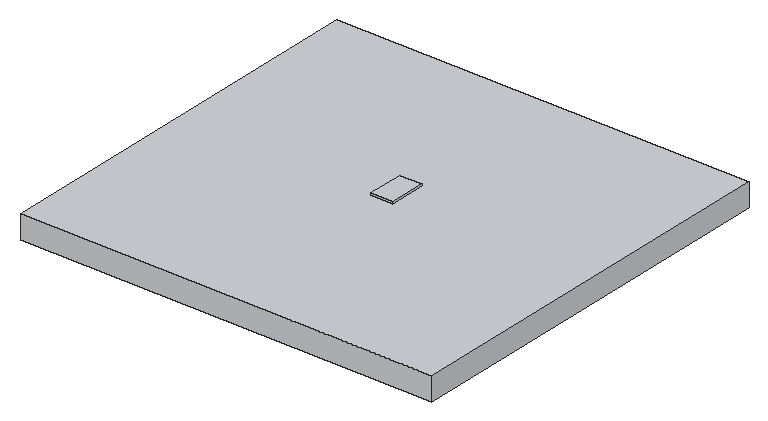
Revit family "M_Tomada simples", category Iluminação elétrica, Revit 2019
Family settings
  Hospedeiro = Face
  Manter orientação da anotação = Sim
  Cota do conector redondo = Utilizar diâmetro
  Tipo de parte = Normal
  Número OmniClass = 23.80.50.11.17
  Título OmniClass = Ground Fault Receptacles
  ID de item do Seek = Simplex Receptacle-0000-CAN-ENU
  Corte com vazios quando carregada = Não
  Compartilhado = Não
  Ponto de cálculo do ambiente = Não
Parameters (values of type "Padrão")
  Voltagem do interruptor = 120 V
  Classificação de carga = Receptáculo
  Carga = 180 VA
  Elevação-padrão = 460 mm
  Assembly Code = ""
Reference planes
  plane 1 "Centro (Frente/Trás)": y = 0
  plane 2: z = 0
  plane 3 "Centro (Esquerda/Direita)": x = 0
  plane 4: x = -34.925
  plane 5: x = 34.925
  plane 6: x = -19.05
  plane 7: x = 19.05
  plane 8: y = 57.15
  plane 9: y = -57.15
  plane 10: y = 38.1
  plane 11: y = -38.1
  plane 12 "nível acima": z = 4.762
  plane 13 "nível abaixo": z = -53.975
Forms (mm)
  Extrusion 1, solid
    sketch origin (0, 0, 0) x (1, 0, 0) y (0, 1, 0)
      loop
        line (-644.525, 571.5) -> (-644.525, -666.75) -> (644.525, -666.75) -> (644.525, 571.5) -> (-644.525, 571.5)
    from 0 to -72.672
  Extrusion 2, solid
    sketch origin (0, 0, 0) x (1, 0, 0) y (0, 1, 0)
      loop
        line (-34.925, 57.15) -> (-34.925, -57.15) -> (34.925, -57.15) -> (34.925, 57.15) -> (-34.925, 57.15)
    from 0 to 4.762
  Extrusion 3, solid
    sketch origin (0, 0, 0) x (1, 0, 0) y (0, 1, 0)
      loop
        line (-19.05, 38.1) -> (-19.05, -38.1) -> (19.05, -38.1) -> (19.05, 38.1) -> (-19.05, 38.1)
    from 0 to -53.975
Lines and regions (mm)
  symbolic lines, detail levels fine
    curve 1: line (34.925, 0, 0) -> (-34.925, 0, 0)
    curve 2: line (34.925, 0, 4.762) -> (34.925, 0, 0)
    curve 3: line (-34.925, 0, 4.762) -> (34.925, 0, 4.762)
    curve 4: line (-34.925, 0, 0) -> (-34.925, 0, 4.762)
    curve 5: line (19.05, 0, -53.975) -> (-19.05, 0, -53.975)
    curve 6: line (19.05, 0, 0) -> (19.05, 0, -53.975)
    curve 7: line (-19.05, 0, -53.975) -> (-19.05, 0, 0)
Dimensions and locks
  equal spacing: plane 6, plane 3 "Centro (Esquerda/Direita)", plane 7, locked at 19.05 each
  locked: plane 6 to plane 7 at 38.1
  equal spacing: plane 4, plane 3 "Centro (Esquerda/Direita)", plane 5, locked at 34.925 each
  locked: plane 4 to plane 5 at 69.85
  locked: plane 8 to plane 9 at 114.3
  locked: plane 12 "nível acima" to level at 4.763
  locked: level to plane 13 "nível abaixo" at 53.975
  locked: plane 10 to plane 11 at 76.2
  equal spacing: plane 10, plane 1 "Centro (Frente/Trás)", plane 11, locked at 38.1 each
  equal spacing: plane 8, plane 1 "Centro (Frente/Trás)", plane 9, locked at 57.15 each
  aligned and locked: plane 2 to Extrusion 1
  aligned and locked: level to Extrusion 1
  aligned and locked: plane 8 to Extrusion 2
  aligned and locked: Extrusion 2 to plane 9
  aligned and locked: plane 5 to Extrusion 2
  aligned and locked: Extrusion 2 to plane 4
  aligned and locked: Extrusion 2 to level
  aligned and locked: plane 12 "nível acima" to Extrusion 2
  aligned and locked: plane 10 to Extrusion 3
  aligned and locked: Extrusion 3 to plane 6
  aligned and locked: plane 7 to Extrusion 3
  aligned and locked: Extrusion 3 to plane 11
  aligned and locked: Extrusion 3 to level
  aligned and locked: Extrusion 3 to plane 13 "nível abaixo"
  aligned and locked: curve 4 to plane 4
  aligned and locked: plane 5 to curve 2
  aligned and locked: curve 3 to plane 12 "nível acima"
  aligned and locked: plane 2 to curve 1
  aligned and locked: curve 7 to plane 6
  aligned and locked: plane 7 to curve 6
  aligned and locked: plane 13 "nível abaixo" to curve 5
  aligned and locked: plane 1 "Centro (Frente/Trás)" to nested 1
  aligned and locked: plane 3 "Centro (Esquerda/Direita)" to nested 1
Automatic sketch dimensions
  Extrusion 2 sketch curve to plane 4 = 0 mm
  Extrusion 2 sketch curve to plane 5 = 0 mm
  Extrusion 2 sketch curve to plane 9 = 0 mm
  Extrusion 2 sketch curve to plane 8 = 0 mm
  Extrusion 3 sketch curve to plane 6 = 0 mm
  Extrusion 3 sketch curve to plane 7 = 0 mm
  Extrusion 3 sketch curve to plane 11 = 0 mm
  Extrusion 3 sketch curve to plane 10 = 0 mm
  Extrusion 1 sketch curve to Extrusion 1 sketch curve = 1289.05 mm
  Extrusion 1 sketch curve to Extrusion 1 sketch curve = 1238.25 mm
Nested families
  nested 1: "M_Anotação de tomada simples" at (0, 0, 0), type "Anotação de tomada simples", detail levels coarse+medium
Connectors
  electrical at (0, 38.1, -26.988), driven by "Voltagem do interruptor", driven by "Carga", driven by "Classificação de carga"
    settings: on Extrusion 3, index 1, voltage 120 V, apparent load 0 VA, apparent load phase1 180 VA, apparent load phase2 0 VA, apparent load phase3 0 VA, power factor 1, load classification "Receptáculo", number of poles 1, system type 31, power factor state 1, is connector primary yes, connector utility no, sub classification motor no, connector description ""
Definition of nested family "M_Anotação de tomada simples"
  Parameters
    Anotação de legenda = ""
  Reference planes
    plane 1: y = 0
    plane 2: x = 0
  Lines and regions (mm)
    reference lines
      curve 1: line (-14.331, 3.175, 0) -> (15.536, 3.175, 0)
    detail lines
      curve 2: circle (0, 3.175, 0) r 1.588 normal (0, 0, 1)
      curve 3: line (0, 4.763, 0) -> (0, 0, 0)
  Dimensions and locks
    locked: plane 1 to curve 1 at 3.175
    radius of curve 2 = 1.588 mm
    aligned and locked: curve 1 to curve 2
    aligned and locked: plane 2 to curve 2
    aligned and locked: plane 1 to curve 3
    aligned and locked: curve 3 to plane 2
